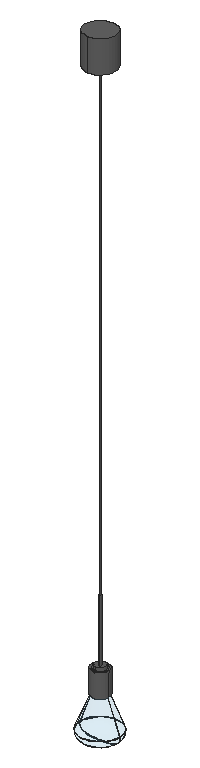
Revit family "Justerbar Lab Pendle_Kolbe", category Lighting Fixtures, Revit 2021
Family settings
  Round Connector Dimension = Use Diameter
  Part Type = Normal
  OmniClass Number = 23.80.70.00
  OmniClass Title = Lighting
  Work Plane-Based = No
  Always vertical = Yes
  Cut with Voids When Loaded = No
  Light Source = Yes
  Shared = No
  Room Calculation Point = No
Parameters
  Wattage = 9.2903 W
  built-in parameter 1150110 = 1 (stored number, unit not read)
  built-in parameter 1114217 = 1 (stored number, unit not read)
  built-in parameter 1150109 = 1 (stored number, unit not read)
  built-in parameter 1150134 = (empty or 0)
  built-in parameter 1150113 = 1 (stored number, unit not read)
  Spredning = "120"
  MacAdams = "< 3 SCDM"
  Lyskilde = "LED"
  Lumens = 1380 lm
  built-in parameter 1150115 = 1 (stored number, unit not read)
  built-in parameter 1150105 = 109.82 (stored number, unit not read)
  Lumen = "660lm"
  Light Source Symbol Size = 609.6 mm
  built-in parameter 1150137 = (empty or 0)
  built-in parameter 1150139 = (empty or 0)
  Levetid = "L70 50.000 timer"
  Level Heigth [instance] = 4000 mm
  built-in parameter 1150112 = 1 (stored number, unit not read)
  built-in parameter 1150114 = 1 (stored number, unit not read)
  Kjøle metode = "Passiv"
  built-in parameter 1150132 = 2
  built-in parameter 1150102 = (empty or 0)
  built-in parameter 1150138 = (empty or 0)
  built-in parameter 1150107 = 3000 (stored number, unit not read)
  built-in parameter 1150106 = 1.0982 (stored number, unit not read)
  Frekvens Sekundærkilde = "1000 Hz"
  Frekvens = "50-60 Hz"
  Floor thickness [instance] = 200 mm
  Fargetemperatur = "2700K, 3000K,eller DW"
  Farger = "Sort"
  built-in parameter 1150104 = 13.8 (stored number, unit not read)
  Effekt = "6W"
  Driftspenning = "220-240V"
  Dist.floor [instance] = 2000 mm
  Dimming Lamp Color Temperature Shift = <None>
  Dimbar = "Dali eller Triac"
  Default Elevation = 0 mm
  Color Filter = 16777215
  CRI = ">90"
  Beskyttelsesgrad = "IP20"
  built-in parameter 1114218 = 1 (stored number, unit not read)
  built-in parameter 1150133 = 10 (stored number, unit not read)
Reference planes
  plane 1 "Light Source Axis (F/B)": y = 0
  plane 2: z = 0
  plane 3 "Light Source Axis (L/R)": x = 0
  plane 4 "Light Source Elevation": z = 1262
  plane 5: z = 4000
  plane 6: z = 2369.366
  plane 7: z = 3800
  plane 8: z = 3710
  plane 9: z = 3703
  plane 10: z = 2000
  plane 11: z = 2028.366
Forms (mm)
  Extrusion 1, solid, material "Default New Material"
    sketch origin (0, 0, 620.212) x (0, 1, 0) y (-1, 0, 0)
      loop
        circle (0, 0) r 42.5
    from 3089.788 to 3179.788
  Extrusion 2, solid, material "Default New Material"
    sketch origin (0, 0, 620.212) x (0, 1, 0) y (-1, 0, 0)
      loop
        circle (0, 0) r 6
    from 3082.788 to 3089.788
  Extrusion 3, solid, material "Default New Material"
    sketch origin (0, 0, 620.212) x (0, 1, 0) y (-1, 0, 0)
      loop
        circle (0, 0) r 2.031
    from 1749.154 to 3082.788
Dimensions and locks
  "Level Heigth": plane 5 to plane 2
  locked: plane 7 to plane 8 at 90
  locked: plane 8 to plane 9 at 7
  "Floor thickness": plane 5 to plane 7
  locked: plane 11 to plane 10 at 28.366
  "Dist.floor": plane 10 to plane 2
  locked: plane 6 to plane 11 at 341
  aligned and locked: plane 3 "Light Source Axis (L/R)" to imposter light
  aligned and locked: plane 1 "Light Source Axis (F/B)" to imposter light
  aligned and locked: level to plane 2
  aligned and locked: plane 7 to Extrusion 1
  aligned and locked: plane 8 to Extrusion 1
  aligned and locked: plane 9 to Extrusion 2
  aligned and locked: plane 8 to Extrusion 2
  aligned and locked: Extrusion 3 to plane 6
  aligned and locked: plane 9 to Extrusion 3
  aligned and locked: plane 11 to imposter light
  aligned and locked: nested 2 to plane 11
  aligned and locked: plane 6 to nested 2
Automatic sketch dimensions
  plane 1 "Light Source Axis (F/B)" to Extrusion 1 sketch curve = 0 mm
  Extrusion 1 sketch curve to plane 3 "Light Source Axis (L/R)" = 0 mm
  plane 1 "Light Source Axis (F/B)" to Extrusion 2 sketch curve = 0 mm
  Extrusion 2 sketch curve to plane 3 "Light Source Axis (L/R)" = 0 mm
  plane 1 "Light Source Axis (F/B)" to Extrusion 3 sketch curve = 0 mm
  Extrusion 3 sketch curve to plane 3 "Light Source Axis (L/R)" = 0 mm
  radius of Extrusion 1 sketch curve = 42.5 mm
  radius of Extrusion 2 sketch curve = 6 mm
  radius of Extrusion 3 sketch curve = 2.031 mm
Nested families
  nested 1: "2D tegn" at (0, 0, 0), type "2D tegn"
  nested 2: "Family1" at (0, 0, 528.366), type "Family1"
Definition of nested family "Family1"
  Parameters
    Wattage = 9.2903 W
    built-in parameter 1150110 = 1 (stored number, unit not read)
    built-in parameter 1114217 = 1 (stored number, unit not read)
    built-in parameter 1150109 = 1 (stored number, unit not read)
    built-in parameter 1150134 = (empty or 0)
    built-in parameter 1150113 = 1 (stored number, unit not read)
    Lumens = 1380 lm
    built-in parameter 1150115 = 1 (stored number, unit not read)
    built-in parameter 1150105 = 109.82 (stored number, unit not read)
    Light Source Symbol Size = 609.6 mm
    built-in parameter 1150137 = (empty or 0)
    built-in parameter 1150139 = (empty or 0)
    built-in parameter 1150112 = 1 (stored number, unit not read)
    built-in parameter 1150114 = 1 (stored number, unit not read)
    built-in parameter 1150132 = 2
    built-in parameter 1150102 = (empty or 0)
    built-in parameter 1150138 = (empty or 0)
    built-in parameter 1150107 = 3000 (stored number, unit not read)
    built-in parameter 1150106 = 1.0982 (stored number, unit not read)
    built-in parameter 1150104 = 13.8 (stored number, unit not read)
    Dimming Lamp Color Temperature Shift = (empty or 0)
    Default Elevation = 0 mm
    Color Filter = 16777215
    built-in parameter 1114218 = 1 (stored number, unit not read)
    built-in parameter 1150133 = 10 (stored number, unit not read)
  Reference planes
    plane 1 "Light Source Axis (F/B)": y = 0
    plane 2: z = 0
    plane 3 "Light Source Axis (L/R)": x = 0
    plane 4 "Light Source Elevation": z = 1500
    plane 5: z = 1499.864
  Forms (mm)
    Extrusion 1, solid
      sketch origin (0, 0, 2092) x (0, 1, 0) y (-1, 0, 0)
        loop
          circle (0, 0) r 3.032
      from -428 to -251
    Extrusion 2, solid
      sketch origin (0, 0, 2092) x (0, 1, 0) y (-1, 0, 0)
        loop
          circle (0, 0) r 15
      from -435 to -428
    Revolve 3, solid
      sketch origin (0, 0, -1908) x (1, 0, 0) y (0, 0, 1)
        loop
          line (25, 3565) -> (21.832, 3565) -> (0, 3565) -> (0, 3533.682) -> (21.832, 3533.682) -> (21.832, 3499) -> (25, 3499) -> (25, 3565)
        axis (0, 3499) -> (0, 3565)
      angle from 0 to 360
    Revolve 4, solid
      sketch origin (0, 0, -1908) x (1, 0, 0) y (0, 0, 1)
        loop
          line (0, 3532.984) -> (0, 3498.964) -> (21.729, 3498.964) -> (21.729, 3532.984) -> (0, 3532.984)
        axis (0, 3498.964) -> (0, 3532.984)
      angle from 0 to 360
    Revolve 5, solid
      sketch origin (0, 0, -1908) x (1, 0, 0) y (0, 0, 1)
        loop
          spline (0, 3380) -> (9.759, 3379.792) -> (18.614, 3380.047) -> (26.567, 3380.763) -> (33.616, 3381.941) -> (39.762, 3383.582) -> (45.006, 3385.684) -> (49.346, 3388.248) -> (52.783, 3391.275) -> (55.317, 3394.763) -> (56.948, 3398.713) -> (57.675, 3403.126) -> (57.5, 3408)
          line (57.5, 3408) -> (21.729, 3499) -> (20.655, 3499) -> (56.479, 3407.864)
          spline (56.479, 3407.864) -> (56.652, 3403.176) -> (55.962, 3398.977) -> (54.415, 3395.235) -> (52.01, 3391.922) -> (48.726, 3389.033) -> (44.536, 3386.564) -> (39.419, 3384.517) -> (33.373, 3382.903) -> (26.405, 3381.735) -> (18.518, 3381.024) -> (9.716, 3380.771) -> (0, 3380.979)
          line (0, 3380.979) -> (0, 3380)
        axis (0, 3380) -> (0, 3499)
      angle from 0 to 360
  Dimensions and locks
    locked: Revolve 5 sketch curve to Revolve 5 sketch curve at 63.955
    locked: Revolve 5 sketch curve to Revolve 5 sketch curve at 120.968
    aligned and locked: plane 3 "Light Source Axis (L/R)" to imposter light
    aligned and locked: plane 1 "Light Source Axis (F/B)" to imposter light
    aligned and locked: plane 4 "Light Source Elevation" to imposter light
    aligned and locked: level to plane 2
    aligned and locked: plane 5 to Revolve 5
    aligned and locked: Extrusion 1 to Extrusion 2
    aligned and locked: Extrusion 2 to Revolve 3
    aligned and locked: Revolve 3 to Revolve 5 sketch curve
Definition of nested family "2D tegn"
  Reference planes
    plane 1: y = 0
    plane 2: x = 0
  Lines and regions (mm)
    detail lines
      curve 1: circle (0, 0, 0) r 5 normal (0, 0, 1)
      curve 2: line (-3.536, -3.536, 0) -> (3.536, 3.536, 0)
      curve 3: line (3.536, -3.536, 0) -> (-3.536, 3.536, 0)
